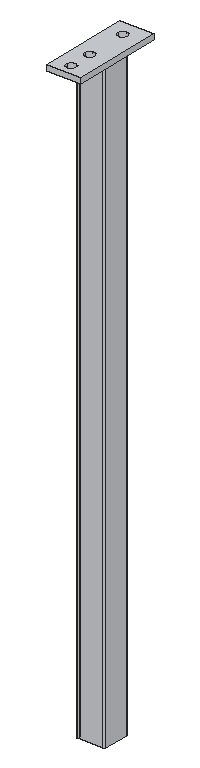
Revit family "MP526", category Generic Models, Revit 2017
Family settings
  Can host rebar = No
  Round Connector Dimension = Use Diameter
  Part Type = Normal
  Work Plane-Based = Yes
  Always vertical = No
  Cut with Voids When Loaded = No
  Shared = No
  Room Calculation Point = No
Parameters (values of type "NBS Standard Parameters")
  WarrantyStartDate [instance] = "1900-12-31T23:59:59"
  WarrantyGuarantorParts = "n/a"
  WarrantyGuarantorLabor = "n/a"
  WarrantyDurationUnit = "1 year"
  WarrantyDurationParts = "n/a"
  WarrantyDurationLabor = "n/a"
  WarrantyDescription = "n/a"
  Version = "1"
  Uniclass2 = "Pr_65_70_11_19"
  TagNumber [instance] = "n/a"
  SustainabilityPerformance = "n/a"
  Size = "900"
  Shape = "n/a"
  SerialNumber [instance] = "n/a"
  Revision = "n/a"
  ReplacementCost = "n/a"
  ProductInformation = "www.metpro.co.uk/pdf/mp526.pdf"
  NominalWidth = 49.5 mm
  NominalLength = 900 mm
  NominalHeight = 130 mm
  Name = ""
  NBSTypeID = ""
  NBSReference = "90-55-10/305"
  NBSOfficeMasterTag = ""
  NBSNote = ""
  NBSDescription = "Chnnel Cable Supports"
  NBSCertification = ""
  ModelReference = "MP526"
  ModelNumber = "n/a"
  Material = "Steel"
  ManufacturerURL = "www.metpro.co.uk"
  ManufacturerName = "Metpro Ltd"
  Keynote = "Compliant to LU Standard 1-085"
  InstallationDate [instance] = "1900-12-31T23:59:59"
  IfcExportType = ""
  IfcExportAs = ""
  Grade = "n/a"
  Finish = "Hot Dipped Galvanised"
  Features = "n/a"
  ExpectedLife = "n/a"
  DurationUnit = "year"
  Description = "MP526  900mm Channel Cantilever Arm - 2 Hole Base Plate"
  Default Elevation = 1219.2 mm
  Constituents = "n/a"
  Color = "n/a"
  CodePerformance = "n/a"
  Category = "n/a"
  BarCode [instance] = "n/a"
  BIMObjectName = "metpro_metprolibrary_channelcablesupports_cantileverarm_2holebaseplate"
  Author = "Metpro Ltd"
  AssetType = ""
  AssetIdentifier [instance] = "n/a"
  AccessibilityPerformance = "n/a"
Reference planes
  plane 1 "Center (Front/Back)": y = 0
  plane 2: z = 0
  plane 3 "Center (Left/Right)": x = 0
Forms (mm)
  Extrusion 1, solid
    sketch origin (27.148, 50.337, 0) x (1, 0, 0) y (0, 1, 0)
      loop
        line (-19.975, 37.037) -> (-15.975, 37.037) -> (-15.975, 31.537) -> (-13.475, 31.537) -> (-13.475, 38.244)
        arc (-13.475, 38.244) -> (-13.854, 39.158) -> (-14.769, 39.537) r 1.293
        line (-14.769, 39.537) -> (-20.452, 39.537)
        arc (-20.452, 39.537) -> (-21.883, 38.944) -> (-22.475, 37.514) r 2.023
        line (-22.475, 37.514) -> (-22.475, 0.077)
        arc (-22.475, 0.077) -> (-21.732, -1.719) -> (-19.936, -2.463) r 2.54
        line (-19.936, -2.463) -> (16.996, -2.463)
        arc (16.996, -2.463) -> (18.784, -1.722) -> (19.525, 0.066) r 2.529
        line (19.525, 0.066) -> (19.525, 37.555)
        arc (19.525, 37.555) -> (18.944, 38.957) -> (17.543, 39.537) r 1.982
        line (17.543, 39.537) -> (10.861, 39.537)
        arc (10.861, 39.537) -> (9.922, 39.148) -> (9.533, 38.209) r 1.328
        line (9.533, 38.209) -> (9.533, 31.537) -> (12.033, 31.537) -> (12.033, 37.037) -> (17.025, 37.037) -> (17.025, 2.321)
        arc (17.025, 2.321) -> (16.356, 0.706) -> (14.741, 0.037) r 2.284
        line (14.741, 0.037) -> (-17.616, 0.037)
        arc (-17.616, 0.037) -> (-19.284, 0.728) -> (-19.975, 2.396) r 2.359
        line (-19.975, 2.396) -> (-19.975, 37.037)
    from 0 to 900
  Extrusion 2, solid
    sketch origin (27.148, 50.337, 900) x (1, 0, 0) y (0, 1, 0)
      loop
        line (22.852, 83.718) -> (-27.148, 83.718) -> (-27.148, -50.337) -> (22.852, -50.337) -> (22.852, 83.718)
      loop
        circle (-3.574, -34.911) r 7
      loop
        circle (-3.167, -1.096) r 7
      loop
        circle (-3.167, 59.607) r 7
    from 0 to 8
Dimensions and locks
  aligned and locked: level to plane 2
